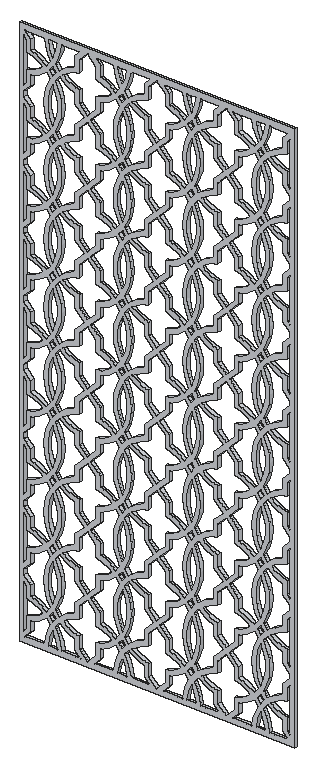
Revit family "J2 PET Felt Room Divider Arabic", category Specialty Equipment, Revit 2022
Family settings
  Round Connector Dimension = Use Diameter
  Part Type = Normal
  Work Plane-Based = No
  Always vertical = Yes
  Cut with Voids When Loaded = No
  Maintain Annotation Orientation = No
  Shared = No
  Room Calculation Point = No
Parameters
  URL = "https://www.j2systems.net/"
  Style Number = "RDARAB"  # constant formula
  Symbol Name = "RDARAB"  # constant formula
  Release Date = "2022"  # constant formula
  Product Line = "Room Divider"  # constant formula
  Model = "Arabic"  # constant formula
  Manufacturer = "J2 Systems"  # constant formula
  Keynote = ""
  Felt Color = none
  Default Elevation = 0' - 0"
Reference planes (in)
  plane 1 "Center (Front/Back)": y = 0
  plane 2: z = 0
  plane 3 "Center (Left/Right)": x = 0
Forms (in)
  Extrusion 1, solid, material <- "Felt Color"
    sketch origin (0, 0, 0) x (1, 0, 0) y (0, 0, 1)
      loop
        line (-23.5, 0) -> (23.5, 0) -> (23.5, 95) -> (-23.5, 95) -> (-23.5, 0)
      loop
        line (-22.61, 94.05) -> (-21.584, 93.02401) -> (-21.584, 91.33406)
        arc (-21.584, 91.33406) -> (-20.18881, 90.75482) -> (-18.93857, 89.9069) r 7.47519
        arc (-18.93857, 89.9069) -> (-18.57114, 90.30976) -> (-18.23742, 90.74097) r 6.75
        arc (-18.23742, 90.74097) -> (-18.9733, 92.33167) -> (-19.31857, 94.05) r 7.47519
        line (-19.31857, 94.05) -> (-22.61, 94.05)
      loop
        line (22.80238, 93.18075) -> (22.33569, 92.71406) -> (22.33569, 90.77811)
        arc (22.33569, 90.77811) -> (20.8289, 90.26563) -> (19.48398, 89.4146) r 6.75
        arc (19.48398, 89.4146) -> (20.82835, 88.56382) -> (22.3345, 88.05133) r 6.75
        line (22.3345, 88.05133) -> (22.3345, 86.11037) -> (22.80238, 85.6425) -> (22.80238, 93.18075)
      loop
        line (-14.02556, 91.33292) -> (-14.02556, 93.02638) -> (-13.00194, 94.05) -> (-16.2872, 94.05)
        arc (-16.2872, 94.05) -> (-16.63246, 92.33167) -> (-17.36835, 90.74097) r 7.47519
        arc (-17.36835, 90.74097) -> (-17.03463, 90.30976) -> (-16.6672, 89.9069) r 6.75
        arc (-16.6672, 89.9069) -> (-15.4187, 90.75388) -> (-14.02556, 91.33292) r 7.47519
      loop
        line (-14.02556, 85.80044) -> (-14.02556, 87.49627)
        arc (-14.02556, 87.49627) -> (-15.4187, 88.07531) -> (-16.6672, 88.92229) r 7.47519
        arc (-16.6672, 88.92229) -> (-17.03463, 88.51943) -> (-17.36835, 88.08822) r 6.75
        arc (-17.36835, 88.08822) -> (-16.26281, 84.17519) -> (-17.36913, 80.26237) r 7.47519
        arc (-17.36913, 80.26237) -> (-17.03507, 79.83059) -> (-16.6672, 79.42721) r 6.75
        arc (-16.6672, 79.42721) -> (-15.4187, 80.27419) -> (-14.02556, 80.85323) r 7.47519
        line (-14.02556, 80.85323) -> (-14.02556, 82.54906) -> (-12.39988, 84.17475) -> (-14.02556, 85.80044)
      loop
        line (-13.27387, 86.11037) -> (-11.86788, 84.70438) -> (-10.46187, 86.11038) -> (-10.46187, 88.05129)
        arc (-10.46187, 88.05129) -> (-8.9556, 88.56377) -> (-7.61112, 89.4146) r 6.75
        arc (-7.61112, 89.4146) -> (-8.95505, 90.26516) -> (-10.46069, 90.77765) r 6.75
        line (-10.46069, 90.77765) -> (-10.46069, 92.71406) -> (-11.86669, 94.12006) -> (-13.27269, 92.71406) -> (-13.27269, 90.77811)
        arc (-13.27269, 90.77811) -> (-14.77948, 90.26563) -> (-16.1244, 89.4146) r 6.75
        arc (-16.1244, 89.4146) -> (-14.78003, 88.56382) -> (-13.27387, 88.05133) r 6.75
        line (-13.27387, 88.05133) -> (-13.27387, 86.11037)
      loop
        line (-9.71375, 85.79806) -> (-11.33944, 84.17238) -> (-9.71375, 82.54669) -> (-9.71375, 80.85437)
        arc (-9.71375, 80.85437) -> (-8.31856, 80.27513) -> (-7.06832, 79.42721) r 7.47519
        arc (-7.06832, 79.42721) -> (-6.7008, 79.83017) -> (-6.36702, 80.26148) r 6.75
        arc (-6.36702, 80.26148) -> (-7.47389, 84.17519) -> (-6.3678, 88.08912) r 7.47519
        arc (-6.3678, 88.08912) -> (-6.70124, 88.51985) -> (-7.06832, 88.92229) r 6.75
        arc (-7.06832, 88.92229) -> (-8.31856, 88.07437) -> (-9.71375, 87.49513) r 7.47519
        line (-9.71375, 87.49513) -> (-9.71375, 85.79806)
      loop
        line (-11.86669, 83.64274) -> (-13.27269, 82.23675) -> (-13.27269, 80.29842)
        arc (-13.27269, 80.29842) -> (-14.77948, 79.78594) -> (-16.1244, 78.9349) r 6.75
        arc (-16.1244, 78.9349) -> (-14.78003, 78.08413) -> (-13.27387, 77.57164) r 6.75
        line (-13.27387, 77.57164) -> (-13.27387, 75.63068) -> (-11.86788, 74.22468) -> (-10.46187, 75.63068) -> (-10.46187, 77.57159)
        arc (-10.46187, 77.57159) -> (-8.9556, 78.08408) -> (-7.61112, 78.9349) r 6.75
        arc (-7.61112, 78.9349) -> (-8.95505, 79.78547) -> (-10.46069, 80.29796) r 6.75
        line (-10.46069, 80.29796) -> (-10.46069, 82.23675) -> (-11.86669, 83.64274)
      loop
        arc (-17.20021, 89.4146) -> (-17.51222, 89.75238) -> (-17.80288, 90.10872) r 7.47519
        arc (-17.80288, 90.10872) -> (-18.09354, 89.75238) -> (-18.40556, 89.4146) r 7.47519
        arc (-18.40556, 89.4146) -> (-18.09354, 89.07681) -> (-17.80288, 88.72047) r 7.47519
        arc (-17.80288, 88.72047) -> (-17.51222, 89.07681) -> (-17.20021, 89.4146) r 7.47519
      loop
        arc (-18.23742, 88.08822) -> (-18.57114, 88.51943) -> (-18.93857, 88.92229) r 6.75
        arc (-18.93857, 88.92229) -> (-20.18881, 88.07437) -> (-21.584, 87.49513) r 7.47519
        line (-21.584, 87.49513) -> (-21.584, 85.79806) -> (-22.8, 84.58206) -> (-22.8, 83.76269) -> (-21.584, 82.54669) -> (-21.584, 80.85437)
        arc (-21.584, 80.85437) -> (-20.18881, 80.27513) -> (-18.93857, 79.42721) r 7.47519
        arc (-18.93857, 79.42721) -> (-18.5707, 79.83059) -> (-18.23663, 80.26237) r 6.75
        arc (-18.23663, 80.26237) -> (-19.34295, 84.17519) -> (-18.23742, 88.08822) r 7.47519
      loop
        arc (-17.80288, 87.39103) -> (-18.61776, 84.17594) -> (-17.80288, 80.96085) r 6.75
        arc (-17.80288, 80.96085) -> (-16.98801, 84.17594) -> (-17.80288, 87.39103) r 6.75
      loop
        arc (-7.06832, 89.9069) -> (-6.70124, 90.30934) -> (-6.3678, 90.74007) r 6.75
        arc (-6.3678, 90.74007) -> (-7.10408, 92.33117) -> (-7.44951, 94.05) r 7.47519
        line (-7.44951, 94.05) -> (-10.73975, 94.05) -> (-9.71375, 93.02401) -> (-9.71375, 91.33406)
        arc (-9.71375, 91.33406) -> (-8.31856, 90.75482) -> (-7.06832, 89.9069) r 7.47519
      loop
        arc (-5.93323, 88.72125) -> (-5.64284, 89.07718) -> (-5.33114, 89.4146) r 7.47519
        arc (-5.33114, 89.4146) -> (-5.64284, 89.75201) -> (-5.93323, 90.10794) r 7.47519
        arc (-5.93323, 90.10794) -> (-6.22361, 89.75201) -> (-6.53531, 89.4146) r 7.47519
        arc (-6.53531, 89.4146) -> (-6.22361, 89.07718) -> (-5.93323, 88.72125) r 7.47519
      loop
        arc (-5.93323, 80.95975) -> (-5.11776, 84.17594) -> (-5.93323, 87.39212) r 6.75
        arc (-5.93323, 87.39212) -> (-6.7487, 84.17594) -> (-5.93323, 80.95975) r 6.75
      loop
        arc (-5.49943, 80.26148) -> (-5.16565, 79.83017) -> (-4.79813, 79.42721) r 6.75
        arc (-4.79813, 79.42721) -> (-3.54964, 80.27419) -> (-2.1565, 80.85323) r 7.47519
        line (-2.1565, 80.85323) -> (-2.1565, 82.54906) -> (-0.53081, 84.17475) -> (-2.1565, 85.80044) -> (-2.1565, 87.49627)
        arc (-2.1565, 87.49627) -> (-3.54964, 88.07531) -> (-4.79813, 88.92229) r 7.47519
        arc (-4.79813, 88.92229) -> (-5.16521, 88.51985) -> (-5.49865, 88.08912) r 6.75
        arc (-5.49865, 88.08912) -> (-4.39257, 84.17519) -> (-5.49943, 80.26148) r 7.47519
      loop
        line (-2.1565, 91.33292) -> (-2.1565, 93.02638) -> (-1.13288, 94.05) -> (-4.41695, 94.05)
        arc (-4.41695, 94.05) -> (-4.76238, 92.33117) -> (-5.49865, 90.74007) r 7.47519
        arc (-5.49865, 90.74007) -> (-5.16521, 90.30934) -> (-4.79813, 89.9069) r 6.75
        arc (-4.79813, 89.9069) -> (-3.54964, 90.75388) -> (-2.1565, 91.33292) r 7.47519
      loop
        line (-1.40481, 86.11037) -> (0.00119, 84.70438) -> (1.40719, 86.11038) -> (1.40719, 88.05129)
        arc (1.40719, 88.05129) -> (2.91347, 88.56377) -> (4.25794, 89.4146) r 6.75
        arc (4.25794, 89.4146) -> (2.91401, 90.26516) -> (1.40838, 90.77765) r 6.75
        line (1.40838, 90.77765) -> (1.40838, 92.71406) -> (0.00238, 94.12006) -> (-1.40362, 92.71406) -> (-1.40362, 90.77811)
        arc (-1.40362, 90.77811) -> (-2.91042, 90.26563) -> (-4.25533, 89.4146) r 6.75
        arc (-4.25533, 89.4146) -> (-2.91096, 88.56382) -> (-1.40481, 88.05133) r 6.75
        line (-1.40481, 88.05133) -> (-1.40481, 86.11037)
      loop
        line (2.15531, 85.79806) -> (0.52962, 84.17238) -> (2.15531, 82.54669) -> (2.15531, 80.85437)
        arc (2.15531, 80.85437) -> (3.5505, 80.27513) -> (4.80074, 79.42721) r 7.47519
        arc (4.80074, 79.42721) -> (5.16826, 79.83016) -> (5.50204, 80.26148) r 6.75
        arc (5.50204, 80.26148) -> (4.39517, 84.17519) -> (5.50126, 88.08912) r 7.47519
        arc (5.50126, 88.08912) -> (5.16782, 88.51985) -> (4.80074, 88.92229) r 6.75
        arc (4.80074, 88.92229) -> (3.5505, 88.07437) -> (2.15531, 87.49513) r 7.47519
        line (2.15531, 87.49513) -> (2.15531, 85.79806)
      loop
        line (0.00238, 83.64274) -> (-1.40362, 82.23675) -> (-1.40362, 80.29842)
        arc (-1.40362, 80.29842) -> (-2.91042, 79.78594) -> (-4.25533, 78.9349) r 6.75
        arc (-4.25533, 78.9349) -> (-2.91096, 78.08413) -> (-1.40481, 77.57164) r 6.75
        line (-1.40481, 77.57164) -> (-1.40481, 75.63068) -> (0.00119, 74.22468) -> (1.40719, 75.63068) -> (1.40719, 77.57159)
        arc (1.40719, 77.57159) -> (2.91347, 78.08408) -> (4.25794, 78.9349) r 6.75
        arc (4.25794, 78.9349) -> (2.91401, 79.78547) -> (1.40838, 80.29796) r 6.75
        line (1.40838, 80.29796) -> (1.40838, 82.23675) -> (0.00238, 83.64274)
      loop
        arc (4.80074, 89.9069) -> (5.16782, 90.30934) -> (5.50126, 90.74007) r 6.75
        arc (5.50126, 90.74007) -> (4.76498, 92.33117) -> (4.41955, 94.05) r 7.47519
        line (4.41955, 94.05) -> (1.12932, 94.05) -> (2.15531, 93.02401) -> (2.15531, 91.33406)
        arc (2.15531, 91.33406) -> (3.5505, 90.75482) -> (4.80074, 89.9069) r 7.47519
      loop
        arc (5.93583, 88.72125) -> (6.22622, 89.07718) -> (6.53792, 89.4146) r 7.47519
        arc (6.53792, 89.4146) -> (6.22622, 89.75201) -> (5.93583, 90.10794) r 7.47519
        arc (5.93583, 90.10794) -> (5.64545, 89.75201) -> (5.33375, 89.4146) r 7.47519
        arc (5.33375, 89.4146) -> (5.64545, 89.07718) -> (5.93583, 88.72125) r 7.47519
      loop
        arc (5.93583, 80.95975) -> (6.7513, 84.17594) -> (5.93583, 87.39212) r 6.75
        arc (5.93583, 87.39212) -> (5.12037, 84.17594) -> (5.93583, 80.95975) r 6.75
      loop
        arc (6.36963, 80.26148) -> (6.70341, 79.83016) -> (7.07093, 79.42721) r 6.75
        arc (7.07093, 79.42721) -> (8.31942, 80.27419) -> (9.71256, 80.85323) r 7.47519
        line (9.71256, 80.85323) -> (9.71256, 82.54906) -> (11.33825, 84.17475) -> (9.71256, 85.80044) -> (9.71256, 87.49627)
        arc (9.71256, 87.49627) -> (8.31942, 88.07531) -> (7.07093, 88.92229) r 7.47519
        arc (7.07093, 88.92229) -> (6.70385, 88.51985) -> (6.37041, 88.08912) r 6.75
        arc (6.37041, 88.08912) -> (7.4765, 84.17519) -> (6.36963, 80.26148) r 7.47519
      loop
        line (9.71256, 91.33292) -> (9.71256, 93.02638) -> (10.73618, 94.05) -> (7.45212, 94.05)
        arc (7.45212, 94.05) -> (7.10669, 92.33117) -> (6.37041, 90.74007) r 7.47519
        arc (6.37041, 90.74007) -> (6.70385, 90.30934) -> (7.07093, 89.9069) r 6.75
        arc (7.07093, 89.9069) -> (8.31942, 90.75388) -> (9.71256, 91.33292) r 7.47519
      loop
        line (10.46425, 86.11037) -> (11.87025, 84.70438) -> (13.27625, 86.11038) -> (13.27625, 88.05129)
        arc (13.27625, 88.05129) -> (14.78253, 88.56377) -> (16.127, 89.4146) r 6.75
        arc (16.127, 89.4146) -> (14.78308, 90.26516) -> (13.27744, 90.77765) r 6.75
        line (13.27744, 90.77765) -> (13.27744, 92.71406) -> (11.87144, 94.12006) -> (10.46544, 92.71406) -> (10.46544, 90.77811)
        arc (10.46544, 90.77811) -> (8.95864, 90.26563) -> (7.61373, 89.4146) r 6.75
        arc (7.61373, 89.4146) -> (8.9581, 88.56382) -> (10.46425, 88.05133) r 6.75
        line (10.46425, 88.05133) -> (10.46425, 86.11037)
      loop
        line (14.02437, 85.79806) -> (12.39868, 84.17238) -> (14.02437, 82.54669) -> (14.02437, 80.85437)
        arc (14.02437, 80.85437) -> (15.41956, 80.27513) -> (16.6698, 79.42721) r 7.47519
        arc (16.6698, 79.42721) -> (17.03767, 79.83059) -> (17.37174, 80.26238) r 6.75
        arc (17.37174, 80.26238) -> (16.26543, 84.17519) -> (17.37096, 88.08822) r 7.47519
        arc (17.37096, 88.08822) -> (17.03724, 88.51943) -> (16.6698, 88.92229) r 6.75
        arc (16.6698, 88.92229) -> (15.41956, 88.07437) -> (14.02437, 87.49513) r 7.47519
        line (14.02437, 87.49513) -> (14.02437, 85.79806)
      loop
        line (11.87144, 83.64274) -> (10.46544, 82.23675) -> (10.46544, 80.29842)
        arc (10.46544, 80.29842) -> (8.95864, 79.78594) -> (7.61373, 78.9349) r 6.75
        arc (7.61373, 78.9349) -> (8.9581, 78.08413) -> (10.46425, 77.57164) r 6.75
        line (10.46425, 77.57164) -> (10.46425, 75.63068) -> (11.87025, 74.22468) -> (13.27625, 75.63068) -> (13.27625, 77.57159)
        arc (13.27625, 77.57159) -> (14.78253, 78.08408) -> (16.127, 78.9349) r 6.75
        arc (16.127, 78.9349) -> (14.78308, 79.78547) -> (13.27744, 80.29796) r 6.75
        line (13.27744, 80.29796) -> (13.27744, 82.23675) -> (11.87144, 83.64274)
      loop
        arc (16.6698, 89.9069) -> (17.03724, 90.30976) -> (17.37096, 90.74097) r 6.75
        arc (17.37096, 90.74097) -> (16.63507, 92.33167) -> (16.28981, 94.05) r 7.47519
        line (16.28981, 94.05) -> (12.99838, 94.05) -> (14.02437, 93.02401) -> (14.02437, 91.33406)
        arc (14.02437, 91.33406) -> (15.41956, 90.75482) -> (16.6698, 89.9069) r 7.47519
      loop
        arc (17.80549, 88.72047) -> (18.09615, 89.07681) -> (18.40817, 89.4146) r 7.47519
        arc (18.40817, 89.4146) -> (18.09615, 89.75238) -> (17.80549, 90.10872) r 7.47519
        arc (17.80549, 90.10872) -> (17.51483, 89.75238) -> (17.20281, 89.4146) r 7.47519
        arc (17.20281, 89.4146) -> (17.51483, 89.07681) -> (17.80549, 88.72047) r 7.47519
      loop
        arc (17.80549, 80.96085) -> (18.62037, 84.17594) -> (17.80549, 87.39102) r 6.75
        arc (17.80549, 87.39102) -> (16.99062, 84.17594) -> (17.80549, 80.96085) r 6.75
      loop
        arc (18.23924, 80.26238) -> (18.57331, 79.83059) -> (18.94118, 79.42721) r 6.75
        arc (18.94118, 79.42721) -> (20.18968, 80.27419) -> (21.58281, 80.85323) r 7.47519
        line (21.58281, 80.85323) -> (21.58281, 82.54906) -> (22.80238, 83.76862) -> (22.80238, 84.58087) -> (21.58281, 85.80044) -> (21.58281, 87.49627)
        arc (21.58281, 87.49627) -> (20.18968, 88.07531) -> (18.94118, 88.92229) r 7.47519
        arc (18.94118, 88.92229) -> (18.57375, 88.51943) -> (18.24003, 88.08822) r 6.75
        arc (18.24003, 88.08822) -> (19.34556, 84.17519) -> (18.23924, 80.26238) r 7.47519
      loop
        line (-22.8, 85.6425) -> (-22.33212, 86.11038) -> (-22.33212, 88.05129)
        arc (-22.33212, 88.05129) -> (-20.82585, 88.56377) -> (-19.48137, 89.4146) r 6.75
        arc (-19.48137, 89.4146) -> (-20.8253, 90.26516) -> (-22.33094, 90.77765) r 6.75
        line (-22.33094, 90.77765) -> (-22.33094, 92.71406) -> (-22.8, 93.18313) -> (-22.8, 85.6425)
      loop
        line (-22.8, 82.70581) -> (-22.8, 75.16281) -> (-22.33212, 75.63068) -> (-22.33212, 77.57159)
        arc (-22.33212, 77.57159) -> (-20.82585, 78.08408) -> (-19.48137, 78.9349) r 6.75
        arc (-19.48137, 78.9349) -> (-20.8253, 79.78547) -> (-22.33094, 80.29796) r 6.75
        line (-22.33094, 80.29796) -> (-22.33094, 82.23675) -> (-22.8, 82.70581)
      loop
        line (21.58281, 91.33292) -> (21.58281, 93.02638) -> (22.60644, 94.05) -> (19.32118, 94.05)
        arc (19.32118, 94.05) -> (18.97591, 92.33167) -> (18.24003, 90.74097) r 7.47519
        arc (18.24003, 90.74097) -> (18.57375, 90.30976) -> (18.94118, 89.9069) r 6.75
        arc (18.94118, 89.9069) -> (20.18968, 90.75388) -> (21.58281, 91.33292) r 7.47519
      loop
        arc (22.33569, 80.29842) -> (20.8289, 79.78594) -> (19.48398, 78.9349) r 6.75
        arc (19.48398, 78.9349) -> (20.82835, 78.08413) -> (22.3345, 77.57164) r 6.75
        line (22.3345, 77.57164) -> (22.3345, 75.63068) -> (22.80238, 75.16281) -> (22.80238, 82.70343) -> (22.33569, 82.23675) -> (22.33569, 80.29842)
      loop
        arc (-18.59075, 94.05) -> (-18.33014, 92.70386) -> (-17.80288, 91.43816) r 6.75
        arc (-17.80288, 91.43816) -> (-17.27563, 92.70386) -> (-17.01502, 94.05) r 6.75
        line (-17.01502, 94.05) -> (-18.59075, 94.05)
      loop
        arc (-5.93323, 91.43707) -> (-5.40556, 92.70327) -> (-5.14477, 94.05) r 6.75
        line (-5.14477, 94.05) -> (-6.72168, 94.05)
        arc (-6.72168, 94.05) -> (-6.4609, 92.70327) -> (-5.93323, 91.43707) r 6.75
      loop
        arc (5.93583, 91.43707) -> (6.46351, 92.70327) -> (6.72429, 94.05) r 6.75
        line (6.72429, 94.05) -> (5.14738, 94.05)
        arc (5.14738, 94.05) -> (5.40816, 92.70327) -> (5.93583, 91.43707) r 6.75
      loop
        arc (17.80549, 91.43817) -> (18.33275, 92.70387) -> (18.59335, 94.05) r 6.75
        line (18.59335, 94.05) -> (17.01763, 94.05)
        arc (17.01763, 94.05) -> (17.27824, 92.70387) -> (17.80549, 91.43817) r 6.75
      loop
        line (-14.02556, 75.32074) -> (-14.02556, 77.01658)
        arc (-14.02556, 77.01658) -> (-15.4187, 77.59562) -> (-16.6672, 78.4426) r 7.47519
        arc (-16.6672, 78.4426) -> (-17.03463, 78.03974) -> (-17.36835, 77.60853) r 6.75
        arc (-17.36835, 77.60853) -> (-16.26281, 73.69587) -> (-17.36874, 69.78332) r 7.47519
        arc (-17.36874, 69.78332) -> (-17.03485, 69.35182) -> (-16.6672, 68.9487) r 6.75
        arc (-16.6672, 68.9487) -> (-15.4187, 69.79569) -> (-14.02556, 70.37473) r 7.47519
        line (-14.02556, 70.37473) -> (-14.02556, 72.06937) -> (-12.39988, 73.69506) -> (-14.02556, 75.32074)
      loop
        line (-9.71375, 75.31837) -> (-11.33944, 73.69268) -> (-9.71375, 72.067) -> (-9.71375, 70.37587)
        arc (-9.71375, 70.37587) -> (-8.31856, 69.79663) -> (-7.06832, 68.9487) r 7.47519
        arc (-7.06832, 68.9487) -> (-6.70102, 69.35141) -> (-6.36741, 69.78243) r 6.75
        arc (-6.36741, 69.78243) -> (-7.47389, 73.69587) -> (-6.3678, 77.60942) r 7.47519
        arc (-6.3678, 77.60942) -> (-6.70124, 78.04016) -> (-7.06832, 78.4426) r 6.75
        arc (-7.06832, 78.4426) -> (-8.31856, 77.59468) -> (-9.71375, 77.01543) r 7.47519
        line (-9.71375, 77.01543) -> (-9.71375, 75.31837)
      loop
        line (-11.86669, 73.16305) -> (-13.27269, 71.75705) -> (-13.27269, 69.81992)
        arc (-13.27269, 69.81992) -> (-14.77948, 69.30744) -> (-16.1244, 68.4564) r 6.75
        arc (-16.1244, 68.4564) -> (-14.78003, 67.60563) -> (-13.27387, 67.09314) r 6.75
        line (-13.27387, 67.09314) -> (-13.27387, 65.15218) -> (-11.86788, 63.74618) -> (-10.46187, 65.15218) -> (-10.46187, 67.09309)
        arc (-10.46187, 67.09309) -> (-8.9556, 67.60558) -> (-7.61112, 68.4564) r 6.75
        arc (-7.61112, 68.4564) -> (-8.95505, 69.30696) -> (-10.46069, 69.81946) r 6.75
        line (-10.46069, 69.81946) -> (-10.46069, 71.75705) -> (-11.86669, 73.16305)
      loop
        arc (-17.20021, 78.9349) -> (-17.51222, 79.27269) -> (-17.80288, 79.62902) r 7.47519
        arc (-17.80288, 79.62902) -> (-18.09354, 79.27269) -> (-18.40556, 78.9349) r 7.47519
        arc (-18.40556, 78.9349) -> (-18.09354, 78.59711) -> (-17.80288, 78.24078) r 7.47519
        arc (-17.80288, 78.24078) -> (-17.51222, 78.59711) -> (-17.20021, 78.9349) r 7.47519
      loop
        arc (-18.23742, 77.60853) -> (-18.57114, 78.03974) -> (-18.93857, 78.4426) r 6.75
        arc (-18.93857, 78.4426) -> (-20.18881, 77.59468) -> (-21.584, 77.01543) r 7.47519
        line (-21.584, 77.01543) -> (-21.584, 75.31837) -> (-22.8, 74.10237) -> (-22.8, 73.28299) -> (-21.584, 72.067) -> (-21.584, 70.37587)
        arc (-21.584, 70.37587) -> (-20.18881, 69.79663) -> (-18.93857, 68.9487) r 7.47519
        arc (-18.93857, 68.9487) -> (-18.57092, 69.35182) -> (-18.23703, 69.78332) r 6.75
        arc (-18.23703, 69.78332) -> (-19.34295, 73.69587) -> (-18.23742, 77.60853) r 7.47519
      loop
        arc (-17.80288, 76.91133) -> (-18.61776, 73.69624) -> (-17.80288, 70.48115) r 6.75
        arc (-17.80288, 70.48115) -> (-16.98801, 73.69624) -> (-17.80288, 76.91133) r 6.75
      loop
        arc (-5.93323, 78.24156) -> (-5.64284, 78.59748) -> (-5.33114, 78.9349) r 7.47519
        arc (-5.33114, 78.9349) -> (-5.64284, 79.27232) -> (-5.93323, 79.62825) r 7.47519
        arc (-5.93323, 79.62825) -> (-6.22361, 79.27232) -> (-6.53531, 78.9349) r 7.47519
        arc (-6.53531, 78.9349) -> (-6.22361, 78.59748) -> (-5.93323, 78.24156) r 7.47519
      loop
        arc (-5.93323, 70.48006) -> (-5.11776, 73.69624) -> (-5.93323, 76.91243) r 6.75
        arc (-5.93323, 76.91243) -> (-6.7487, 73.69624) -> (-5.93323, 70.48006) r 6.75
      loop
        arc (-5.49904, 69.78243) -> (-5.16543, 69.35141) -> (-4.79813, 68.9487) r 6.75
        arc (-4.79813, 68.9487) -> (-3.54964, 69.79569) -> (-2.1565, 70.37473) r 7.47519
        line (-2.1565, 70.37473) -> (-2.1565, 72.06937) -> (-0.53081, 73.69506) -> (-2.1565, 75.32074) -> (-2.1565, 77.01658)
        arc (-2.1565, 77.01658) -> (-3.54964, 77.59562) -> (-4.79813, 78.4426) r 7.47519
        arc (-4.79813, 78.4426) -> (-5.16521, 78.04016) -> (-5.49865, 77.60942) r 6.75
        arc (-5.49865, 77.60942) -> (-4.39256, 73.69587) -> (-5.49904, 69.78243) r 7.47519
      loop
        line (2.15531, 75.31837) -> (0.52962, 73.69268) -> (2.15531, 72.067) -> (2.15531, 70.37587)
        arc (2.15531, 70.37587) -> (3.5505, 69.79663) -> (4.80074, 68.9487) r 7.47519
        arc (4.80074, 68.9487) -> (5.16804, 69.3514) -> (5.50165, 69.78242) r 6.75
        arc (5.50165, 69.78242) -> (4.39517, 73.69587) -> (5.50126, 77.60943) r 7.47519
        arc (5.50126, 77.60943) -> (5.16782, 78.04016) -> (4.80074, 78.4426) r 6.75
        arc (4.80074, 78.4426) -> (3.5505, 77.59468) -> (2.15531, 77.01543) r 7.47519
        line (2.15531, 77.01543) -> (2.15531, 75.31837)
      loop
        line (0.00238, 73.16305) -> (-1.40362, 71.75705) -> (-1.40362, 69.81992)
        arc (-1.40362, 69.81992) -> (-2.91042, 69.30744) -> (-4.25533, 68.4564) r 6.75
        arc (-4.25533, 68.4564) -> (-2.91096, 67.60563) -> (-1.40481, 67.09314) r 6.75
        line (-1.40481, 67.09314) -> (-1.40481, 65.15218) -> (0.00119, 63.74618) -> (1.40719, 65.15218) -> (1.40719, 67.09309)
        arc (1.40719, 67.09309) -> (2.91347, 67.60558) -> (4.25794, 68.4564) r 6.75
        arc (4.25794, 68.4564) -> (2.91401, 69.30696) -> (1.40838, 69.81946) r 6.75
        line (1.40838, 69.81946) -> (1.40838, 71.75705) -> (0.00238, 73.16305)
      loop
        arc (5.93583, 78.24156) -> (6.22622, 78.59748) -> (6.53792, 78.9349) r 7.47519
        arc (6.53792, 78.9349) -> (6.22622, 79.27232) -> (5.93583, 79.62825) r 7.47519
        arc (5.93583, 79.62825) -> (5.64545, 79.27232) -> (5.33375, 78.9349) r 7.47519
        arc (5.33375, 78.9349) -> (5.64545, 78.59748) -> (5.93583, 78.24156) r 7.47519
      loop
        arc (5.93583, 70.48006) -> (6.7513, 73.69624) -> (5.93583, 76.91243) r 6.75
        arc (5.93583, 76.91243) -> (5.12037, 73.69624) -> (5.93583, 70.48006) r 6.75
      loop
        arc (6.37002, 69.78242) -> (6.70363, 69.3514) -> (7.07093, 68.9487) r 6.75
        arc (7.07093, 68.9487) -> (8.31942, 69.79569) -> (9.71256, 70.37473) r 7.47519
        line (9.71256, 70.37473) -> (9.71256, 72.06937) -> (11.33825, 73.69506) -> (9.71256, 75.32074) -> (9.71256, 77.01658)
        arc (9.71256, 77.01658) -> (8.31942, 77.59562) -> (7.07093, 78.4426) r 7.47519
        arc (7.07093, 78.4426) -> (6.70385, 78.04016) -> (6.37041, 77.60943) r 6.75
        arc (6.37041, 77.60943) -> (7.4765, 73.69587) -> (6.37002, 69.78242) r 7.47519
      loop
        line (14.02437, 75.31837) -> (12.39868, 73.69268) -> (14.02437, 72.067) -> (14.02437, 70.37587)
        arc (14.02437, 70.37587) -> (15.41956, 69.79663) -> (16.6698, 68.9487) r 7.47519
        arc (16.6698, 68.9487) -> (17.03746, 69.35183) -> (17.37135, 69.78333) r 6.75
        arc (17.37135, 69.78333) -> (16.26543, 73.69587) -> (17.37096, 77.60853) r 7.47519
        arc (17.37096, 77.60853) -> (17.03724, 78.03973) -> (16.6698, 78.4426) r 6.75
        arc (16.6698, 78.4426) -> (15.41956, 77.59468) -> (14.02437, 77.01543) r 7.47519
        line (14.02437, 77.01543) -> (14.02437, 75.31837)
      loop
        line (11.87144, 73.16305) -> (10.46544, 71.75705) -> (10.46544, 69.81992)
        arc (10.46544, 69.81992) -> (8.95864, 69.30744) -> (7.61373, 68.4564) r 6.75
        arc (7.61373, 68.4564) -> (8.9581, 67.60563) -> (10.46425, 67.09314) r 6.75
        line (10.46425, 67.09314) -> (10.46425, 65.15218) -> (11.87025, 63.74618) -> (13.27625, 65.15218) -> (13.27625, 67.09309)
        arc (13.27625, 67.09309) -> (14.78253, 67.60558) -> (16.127, 68.4564) r 6.75
        arc (16.127, 68.4564) -> (14.78308, 69.30696) -> (13.27744, 69.81946) r 6.75
        line (13.27744, 69.81946) -> (13.27744, 71.75705) -> (11.87144, 73.16305)
      loop
        arc (17.80549, 78.24078) -> (18.09615, 78.59711) -> (18.40817, 78.9349) r 7.47519
        arc (18.40817, 78.9349) -> (18.09615, 79.27269) -> (17.80549, 79.62903) r 7.47519
        arc (17.80549, 79.62903) -> (17.51483, 79.27269) -> (17.20281, 78.9349) r 7.47519
        arc (17.20281, 78.9349) -> (17.51483, 78.59711) -> (17.80549, 78.24078) r 7.47519
      loop
        arc (17.80549, 70.48116) -> (18.62037, 73.69624) -> (17.80549, 76.91133) r 6.75
        arc (17.80549, 76.91133) -> (16.99062, 73.69624) -> (17.80549, 70.48116) r 6.75
      loop
        arc (18.23964, 69.78333) -> (18.57353, 69.35183) -> (18.94118, 68.9487) r 6.75
        arc (18.94118, 68.9487) -> (20.18968, 69.79569) -> (21.58281, 70.37473) r 7.47519
        line (21.58281, 70.37473) -> (21.58281, 72.06937) -> (22.80238, 73.28893) -> (22.80238, 74.10118) -> (21.58281, 75.32074) -> (21.58281, 77.01658)
        arc (21.58281, 77.01658) -> (20.18968, 77.59562) -> (18.94118, 78.4426) r 7.47519
        arc (18.94118, 78.4426) -> (18.57375, 78.03973) -> (18.24003, 77.60853) r 6.75
        arc (18.24003, 77.60853) -> (19.34556, 73.69587) -> (18.23964, 69.78333) r 7.47519
      loop
        line (-22.8, 72.22612) -> (-22.8, 64.68431) -> (-22.33212, 65.15218) -> (-22.33212, 67.09309)
        arc (-22.33212, 67.09309) -> (-20.82585, 67.60558) -> (-19.48137, 68.4564) r 6.75
        arc (-19.48137, 68.4564) -> (-20.8253, 69.30696) -> (-22.33094, 69.81946) r 6.75
        line (-22.33094, 69.81946) -> (-22.33094, 71.75705) -> (-22.8, 72.22612)
      loop
        arc (22.33569, 69.81992) -> (20.8289, 69.30744) -> (19.48398, 68.4564) r 6.75
        arc (19.48398, 68.4564) -> (20.82835, 67.60563) -> (22.3345, 67.09314) r 6.75
        line (22.3345, 67.09314) -> (22.3345, 65.15218) -> (22.80238, 64.68431) -> (22.80238, 72.22374) -> (22.33569, 71.75705) -> (22.33569, 69.81992)
      loop
        line (-14.02556, 64.84224) -> (-14.02556, 66.53808)
        arc (-14.02556, 66.53808) -> (-15.4187, 67.11712) -> (-16.6672, 67.9641) r 7.47519
        arc (-16.6672, 67.9641) -> (-17.03463, 67.56124) -> (-17.36835, 67.13003) r 6.75
        arc (-17.36835, 67.13003) -> (-16.26281, 63.21737) -> (-17.36874, 59.30483) r 7.47519
        arc (-17.36874, 59.30483) -> (-17.03485, 58.87333) -> (-16.6672, 58.47021) r 6.75
        arc (-16.6672, 58.47021) -> (-15.4187, 59.3172) -> (-14.02556, 59.89624) r 7.47519
        line (-14.02556, 59.89624) -> (-14.02556, 61.59087) -> (-12.39988, 63.21656) -> (-14.02556, 64.84224)
      loop
        line (-9.71375, 64.83987) -> (-11.33944, 63.21418) -> (-9.71375, 61.58849) -> (-9.71375, 59.89738)
        arc (-9.71375, 59.89738) -> (-8.31856, 59.31814) -> (-7.06832, 58.47021) r 7.47519
        arc (-7.06832, 58.47021) -> (-6.70103, 58.87291) -> (-6.36742, 59.30393) r 6.75
        arc (-6.36742, 59.30393) -> (-7.47389, 63.21737) -> (-6.3678, 67.13092) r 7.47519
        arc (-6.3678, 67.13092) -> (-6.70124, 67.56166) -> (-7.06832, 67.9641) r 6.75
        arc (-7.06832, 67.9641) -> (-8.31856, 67.11618) -> (-9.71375, 66.53693) r 7.47519
        line (-9.71375, 66.53693) -> (-9.71375, 64.83987)
      loop
        line (-11.86669, 62.68455) -> (-13.27269, 61.27855) -> (-13.27269, 59.34143)
        arc (-13.27269, 59.34143) -> (-14.77948, 58.82895) -> (-16.1244, 57.97791) r 6.75
        arc (-16.1244, 57.97791) -> (-14.78003, 57.12714) -> (-13.27387, 56.61465) r 6.75
        line (-13.27387, 56.61465) -> (-13.27387, 54.67369) -> (-11.86788, 53.26769) -> (-10.46187, 54.67369) -> (-10.46187, 56.6146)
        arc (-10.46187, 56.6146) -> (-8.9556, 57.12709) -> (-7.61112, 57.97791) r 6.75
        arc (-7.61112, 57.97791) -> (-8.95505, 58.82847) -> (-10.46069, 59.34097) r 6.75
        line (-10.46069, 59.34097) -> (-10.46069, 61.27855) -> (-11.86669, 62.68455)
      loop
        arc (-17.20021, 68.4564) -> (-17.51222, 68.79419) -> (-17.80288, 69.15052) r 7.47519
        arc (-17.80288, 69.15052) -> (-18.09354, 68.79419) -> (-18.40556, 68.4564) r 7.47519
        arc (-18.40556, 68.4564) -> (-18.09354, 68.11861) -> (-17.80288, 67.76228) r 7.47519
        arc (-17.80288, 67.76228) -> (-17.51222, 68.11861) -> (-17.20021, 68.4564) r 7.47519
      loop
        arc (-18.23742, 67.13003) -> (-18.57114, 67.56124) -> (-18.93857, 67.9641) r 6.75
        arc (-18.93857, 67.9641) -> (-20.18881, 67.11618) -> (-21.584, 66.53693) r 7.47519
        line (-21.584, 66.53693) -> (-21.584, 64.83987) -> (-22.8, 63.62387) -> (-22.8, 62.80449) -> (-21.584, 61.58849) -> (-21.584, 59.89738)
        arc (-21.584, 59.89738) -> (-20.18881, 59.31814) -> (-18.93857, 58.47021) r 7.47519
        arc (-18.93857, 58.47021) -> (-18.57092, 58.87333) -> (-18.23703, 59.30483) r 6.75
        arc (-18.23703, 59.30483) -> (-19.34295, 63.21737) -> (-18.23742, 67.13003) r 7.47519
      loop
        arc (-17.80288, 66.43283) -> (-18.61776, 63.21774) -> (-17.80288, 60.00265) r 6.75
        arc (-17.80288, 60.00265) -> (-16.98801, 63.21774) -> (-17.80288, 66.43283) r 6.75
      loop
        arc (-5.93323, 67.76305) -> (-5.64284, 68.11898) -> (-5.33114, 68.4564) r 7.47519
        arc (-5.33114, 68.4564) -> (-5.64284, 68.79382) -> (-5.93323, 69.14975) r 7.47519
        arc (-5.93323, 69.14975) -> (-6.22361, 68.79382) -> (-6.53531, 68.4564) r 7.47519
        arc (-6.53531, 68.4564) -> (-6.22361, 68.11898) -> (-5.93323, 67.76305) r 7.47519
      loop
        arc (-5.93323, 60.00156) -> (-5.11776, 63.21774) -> (-5.93323, 66.43393) r 6.75
        arc (-5.93323, 66.43393) -> (-6.7487, 63.21774) -> (-5.93323, 60.00156) r 6.75
      loop
        arc (-5.49904, 59.30393) -> (-5.16543, 58.87291) -> (-4.79813, 58.47021) r 6.75
        arc (-4.79813, 58.47021) -> (-3.54964, 59.3172) -> (-2.1565, 59.89624) r 7.47519
        line (-2.1565, 59.89624) -> (-2.1565, 61.59087) -> (-0.53081, 63.21656) -> (-2.1565, 64.84224) -> (-2.1565, 66.53808)
        arc (-2.1565, 66.53808) -> (-3.54964, 67.11712) -> (-4.79813, 67.9641) r 7.47519
        arc (-4.79813, 67.9641) -> (-5.16521, 67.56166) -> (-5.49865, 67.13092) r 6.75
        arc (-5.49865, 67.13092) -> (-4.39256, 63.21737) -> (-5.49904, 59.30393) r 7.47519
      loop
        line (2.15531, 64.83987) -> (0.52962, 63.21418) -> (2.15531, 61.58849) -> (2.15531, 59.89738)
        arc (2.15531, 59.89738) -> (3.5505, 59.31814) -> (4.80074, 58.47021) r 7.47519
        arc (4.80074, 58.47021) -> (5.16804, 58.87291) -> (5.50165, 59.30393) r 6.75
        arc (5.50165, 59.30393) -> (4.39517, 63.21737) -> (5.50126, 67.13093) r 7.47519
        arc (5.50126, 67.13093) -> (5.16782, 67.56166) -> (4.80074, 67.9641) r 6.75
        arc (4.80074, 67.9641) -> (3.5505, 67.11618) -> (2.15531, 66.53693) r 7.47519
        line (2.15531, 66.53693) -> (2.15531, 64.83987)
      loop
        line (0.00238, 62.68455) -> (-1.40362, 61.27855) -> (-1.40362, 59.34143)
        arc (-1.40362, 59.34143) -> (-2.91042, 58.82895) -> (-4.25533, 57.97791) r 6.75
        arc (-4.25533, 57.97791) -> (-2.91096, 57.12714) -> (-1.40481, 56.61465) r 6.75
        line (-1.40481, 56.61465) -> (-1.40481, 54.67369) -> (0.00119, 53.26769) -> (1.40719, 54.67369) -> (1.40719, 56.6146)
        arc (1.40719, 56.6146) -> (2.91347, 57.12709) -> (4.25794, 57.97791) r 6.75
        arc (4.25794, 57.97791) -> (2.91401, 58.82847) -> (1.40838, 59.34097) r 6.75
        line (1.40838, 59.34097) -> (1.40838, 61.27855) -> (0.00238, 62.68455)
      loop
        arc (5.93583, 67.76306) -> (6.22622, 68.11898) -> (6.53792, 68.4564) r 7.47519
        arc (6.53792, 68.4564) -> (6.22622, 68.79382) -> (5.93583, 69.14975) r 7.47519
        arc (5.93583, 69.14975) -> (5.64545, 68.79382) -> (5.33375, 68.4564) r 7.47519
        arc (5.33375, 68.4564) -> (5.64545, 68.11898) -> (5.93583, 67.76306) r 7.47519
      loop
        arc (5.93583, 60.00156) -> (6.7513, 63.21774) -> (5.93583, 66.43393) r 6.75
        arc (5.93583, 66.43393) -> (5.12037, 63.21774) -> (5.93583, 60.00156) r 6.75
      loop
        arc (6.37002, 59.30393) -> (6.70363, 58.87291) -> (7.07093, 58.47021) r 6.75
        arc (7.07093, 58.47021) -> (8.31942, 59.3172) -> (9.71256, 59.89624) r 7.47519
        line (9.71256, 59.89624) -> (9.71256, 61.59087) -> (11.33825, 63.21656) -> (9.71256, 64.84224) -> (9.71256, 66.53808)
        arc (9.71256, 66.53808) -> (8.31942, 67.11712) -> (7.07093, 67.9641) r 7.47519
        arc (7.07093, 67.9641) -> (6.70385, 67.56166) -> (6.37041, 67.13093) r 6.75
        arc (6.37041, 67.13093) -> (7.4765, 63.21737) -> (6.37002, 59.30393) r 7.47519
      loop
        line (14.02437, 64.83987) -> (12.39868, 63.21418) -> (14.02437, 61.58849) -> (14.02437, 59.89738)
        arc (14.02437, 59.89738) -> (15.41956, 59.31814) -> (16.6698, 58.47021) r 7.47519
        arc (16.6698, 58.47021) -> (17.03745, 58.87333) -> (17.37135, 59.30483) r 6.75
        arc (17.37135, 59.30483) -> (16.26543, 63.21737) -> (17.37096, 67.13003) r 7.47519
        arc (17.37096, 67.13003) -> (17.03724, 67.56123) -> (16.6698, 67.9641) r 6.75
        arc (16.6698, 67.9641) -> (15.41956, 67.11618) -> (14.02437, 66.53693) r 7.47519
        line (14.02437, 66.53693) -> (14.02437, 64.83987)
      loop
        line (11.87144, 62.68455) -> (10.46544, 61.27855) -> (10.46544, 59.34143)
        arc (10.46544, 59.34143) -> (8.95864, 58.82895) -> (7.61373, 57.97791) r 6.75
        arc (7.61373, 57.97791) -> (8.9581, 57.12714) -> (10.46425, 56.61465) r 6.75
        line (10.46425, 56.61465) -> (10.46425, 54.67369) -> (11.87025, 53.26769) -> (13.27625, 54.67369) -> (13.27625, 56.6146)
        arc (13.27625, 56.6146) -> (14.78253, 57.12709) -> (16.127, 57.97791) r 6.75
        arc (16.127, 57.97791) -> (14.78308, 58.82847) -> (13.27744, 59.34097) r 6.75
        line (13.27744, 59.34097) -> (13.27744, 61.27855) -> (11.87144, 62.68455)
      loop
        arc (17.80549, 67.76228) -> (18.09615, 68.11861) -> (18.40817, 68.4564) r 7.47519
        arc (18.40817, 68.4564) -> (18.09615, 68.79419) -> (17.80549, 69.15053) r 7.47519
        arc (17.80549, 69.15053) -> (17.51483, 68.79419) -> (17.20281, 68.4564) r 7.47519
        arc (17.20281, 68.4564) -> (17.51483, 68.11861) -> (17.80549, 67.76228) r 7.47519
      loop
        arc (17.80549, 60.00266) -> (18.62037, 63.21774) -> (17.80549, 66.43283) r 6.75
        arc (17.80549, 66.43283) -> (16.99062, 63.21774) -> (17.80549, 60.00266) r 6.75
      loop
        arc (18.23964, 59.30483) -> (18.57353, 58.87333) -> (18.94118, 58.47021) r 6.75
        arc (18.94118, 58.47021) -> (20.18968, 59.3172) -> (21.58281, 59.89624) r 7.47519
        line (21.58281, 59.89624) -> (21.58281, 61.59087) -> (22.80238, 62.81043) -> (22.80238, 63.62268) -> (21.58281, 64.84224) -> (21.58281, 66.53808)
        arc (21.58281, 66.53808) -> (20.18968, 67.11712) -> (18.94118, 67.9641) r 7.47519
        arc (18.94118, 67.9641) -> (18.57375, 67.56123) -> (18.24003, 67.13003) r 6.75
        arc (18.24003, 67.13003) -> (19.34556, 63.21737) -> (18.23964, 59.30483) r 7.47519
      loop
        line (-22.8, 61.74762) -> (-22.8, 54.20582) -> (-22.33212, 54.67369) -> (-22.33212, 56.6146)
        arc (-22.33212, 56.6146) -> (-20.82585, 57.12709) -> (-19.48137, 57.97791) r 6.75
        arc (-19.48137, 57.97791) -> (-20.8253, 58.82847) -> (-22.33094, 59.34097) r 6.75
        line (-22.33094, 59.34097) -> (-22.33094, 61.27855) -> (-22.8, 61.74762)
      loop
        arc (22.33569, 59.34143) -> (20.8289, 58.82895) -> (19.48398, 57.97791) r 6.75
        arc (19.48398, 57.97791) -> (20.82835, 57.12714) -> (22.3345, 56.61465) r 6.75
        line (22.3345, 56.61465) -> (22.3345, 54.67369) -> (22.80238, 54.20582) -> (22.80238, 61.74524) -> (22.33569, 61.27855) -> (22.33569, 59.34143)
      loop
        line (-14.02556, 54.36375) -> (-14.02556, 56.05959)
        arc (-14.02556, 56.05959) -> (-15.4187, 56.63863) -> (-16.6672, 57.48561) r 7.47519
        arc (-16.6672, 57.48561) -> (-17.03463, 57.08275) -> (-17.36835, 56.65154) r 6.75
        arc (-17.36835, 56.65154) -> (-16.26281, 52.73925) -> (-17.36835, 48.82696) r 7.47519
        arc (-17.36835, 48.82696) -> (-17.03463, 48.39576) -> (-16.6672, 47.99289) r 6.75
        arc (-16.6672, 47.99289) -> (-15.4187, 48.83988) -> (-14.02556, 49.41891) r 7.47519
        line (-14.02556, 49.41891) -> (-14.02556, 51.11238) -> (-12.39988, 52.73807) -> (-14.02556, 54.36375)
      loop
        line (-9.71375, 54.36138) -> (-11.33944, 52.73569) -> (-9.71375, 51.11) -> (-9.71375, 49.42006)
        arc (-9.71375, 49.42006) -> (-8.31856, 48.84082) -> (-7.06832, 47.99289) r 7.47519
        arc (-7.06832, 47.99289) -> (-6.70124, 48.39534) -> (-6.3678, 48.82607) r 6.75
        arc (-6.3678, 48.82607) -> (-7.47389, 52.73925) -> (-6.3678, 56.65243) r 7.47519
        arc (-6.3678, 56.65243) -> (-6.70124, 57.08317) -> (-7.06832, 57.48561) r 6.75
        arc (-7.06832, 57.48561) -> (-8.31856, 56.63769) -> (-9.71375, 56.05844) r 7.47519
        line (-9.71375, 56.05844) -> (-9.71375, 54.36138)
      loop
        line (-11.86669, 52.20606) -> (-13.27269, 50.80006) -> (-13.27269, 48.8641)
        arc (-13.27269, 48.8641) -> (-14.77948, 48.35163) -> (-16.1244, 47.50059) r 6.75
        arc (-16.1244, 47.50059) -> (-14.78003, 46.64982) -> (-13.27387, 46.13733) r 6.75
        line (-13.27387, 46.13733) -> (-13.27387, 44.19637) -> (-11.86788, 42.79037) -> (-10.46187, 44.19637) -> (-10.46187, 46.13728)
        arc (-10.46187, 46.13728) -> (-8.9556, 46.64977) -> (-7.61112, 47.50059) r 6.75
        arc (-7.61112, 47.50059) -> (-8.95505, 48.35115) -> (-10.46069, 48.86365) r 6.75
        line (-10.46069, 48.86365) -> (-10.46069, 50.80006) -> (-11.86669, 52.20606)
      loop
        arc (-17.20021, 57.97791) -> (-17.51222, 58.3157) -> (-17.80288, 58.67203) r 7.47519
        arc (-17.80288, 58.67203) -> (-18.09354, 58.3157) -> (-18.40556, 57.97791) r 7.47519
        arc (-18.40556, 57.97791) -> (-18.09354, 57.64012) -> (-17.80288, 57.28379) r 7.47519
        arc (-17.80288, 57.28379) -> (-17.51222, 57.64012) -> (-17.20021, 57.97791) r 7.47519
      loop
        arc (-18.23742, 56.65154) -> (-18.57114, 57.08275) -> (-18.93857, 57.48561) r 6.75
        arc (-18.93857, 57.48561) -> (-20.18881, 56.63769) -> (-21.584, 56.05844) r 7.47519
        line (-21.584, 56.05844) -> (-21.584, 54.36138) -> (-22.8, 53.14538) -> (-22.8, 52.326) -> (-21.584, 51.11) -> (-21.584, 49.42006)
        arc (-21.584, 49.42006) -> (-20.18881, 48.84082) -> (-18.93857, 47.99289) r 7.47519
        arc (-18.93857, 47.99289) -> (-18.57114, 48.39576) -> (-18.23742, 48.82696) r 6.75
        arc (-18.23742, 48.82696) -> (-19.34295, 52.73925) -> (-18.23742, 56.65154) r 7.47519
      loop
        arc (-17.80288, 55.95434) -> (-18.61776, 52.73925) -> (-17.80288, 49.52416) r 6.75
        arc (-17.80288, 49.52416) -> (-16.98801, 52.73925) -> (-17.80288, 55.95434) r 6.75
      loop
        arc (-5.93323, 57.28456) -> (-5.64284, 57.64049) -> (-5.33114, 57.97791) r 7.47519
        arc (-5.33114, 57.97791) -> (-5.64284, 58.31533) -> (-5.93323, 58.67126) r 7.47519
        arc (-5.93323, 58.67126) -> (-6.22361, 58.31533) -> (-6.53531, 57.97791) r 7.47519
        arc (-6.53531, 57.97791) -> (-6.22361, 57.64049) -> (-5.93323, 57.28456) r 7.47519
      loop
        arc (-5.93323, 49.52307) -> (-5.11776, 52.73925) -> (-5.93323, 55.95544) r 6.75
        arc (-5.93323, 55.95544) -> (-6.7487, 52.73925) -> (-5.93323, 49.52307) r 6.75
      loop
        arc (-5.49865, 48.82607) -> (-5.16522, 48.39534) -> (-4.79813, 47.99289) r 6.75
        arc (-4.79813, 47.99289) -> (-3.54964, 48.83988) -> (-2.1565, 49.41891) r 7.47519
        line (-2.1565, 49.41891) -> (-2.1565, 51.11238) -> (-0.53081, 52.73807) -> (-2.1565, 54.36375) -> (-2.1565, 56.05959)
        arc (-2.1565, 56.05959) -> (-3.54964, 56.63863) -> (-4.79813, 57.48561) r 7.47519
        arc (-4.79813, 57.48561) -> (-5.16521, 57.08317) -> (-5.49865, 56.65243) r 6.75
        arc (-5.49865, 56.65243) -> (-4.39256, 52.73925) -> (-5.49865, 48.82607) r 7.47519
      loop
        line (2.15531, 54.36138) -> (0.52962, 52.73569) -> (2.15531, 51.11) -> (2.15531, 49.42006)
        arc (2.15531, 49.42006) -> (3.5505, 48.84082) -> (4.80074, 47.99289) r 7.47519
        arc (4.80074, 47.99289) -> (5.16782, 48.39534) -> (5.50126, 48.82607) r 6.75
        arc (5.50126, 48.82607) -> (4.39517, 52.73925) -> (5.50126, 56.65244) r 7.47519
        arc (5.50126, 56.65244) -> (5.16782, 57.08317) -> (4.80074, 57.48561) r 6.75
        arc (4.80074, 57.48561) -> (3.5505, 56.63769) -> (2.15531, 56.05844) r 7.47519
        line (2.15531, 56.05844) -> (2.15531, 54.36138)
      loop
        line (0.00238, 52.20606) -> (-1.40362, 50.80006) -> (-1.40362, 48.8641)
        arc (-1.40362, 48.8641) -> (-2.91042, 48.35163) -> (-4.25533, 47.50059) r 6.75
        arc (-4.25533, 47.50059) -> (-2.91096, 46.64982) -> (-1.40481, 46.13733) r 6.75
        line (-1.40481, 46.13733) -> (-1.40481, 44.19637) -> (0.00119, 42.79037) -> (1.40719, 44.19637) -> (1.40719, 46.13728)
        arc (1.40719, 46.13728) -> (2.91347, 46.64977) -> (4.25794, 47.50059) r 6.75
        arc (4.25794, 47.50059) -> (2.91401, 48.35115) -> (1.40838, 48.86365) r 6.75
        line (1.40838, 48.86365) -> (1.40838, 50.80006) -> (0.00238, 52.20606)
      loop
        arc (5.93583, 57.28457) -> (6.22622, 57.64049) -> (6.53792, 57.97791) r 7.47519
        arc (6.53792, 57.97791) -> (6.22622, 58.31533) -> (5.93583, 58.67126) r 7.47519
        arc (5.93583, 58.67126) -> (5.64545, 58.31533) -> (5.33375, 57.97791) r 7.47519
        arc (5.33375, 57.97791) -> (5.64545, 57.64049) -> (5.93583, 57.28457) r 7.47519
      loop
        arc (5.93583, 49.52307) -> (6.7513, 52.73925) -> (5.93583, 55.95544) r 6.75
        arc (5.93583, 55.95544) -> (5.12037, 52.73925) -> (5.93583, 49.52307) r 6.75
      loop
        arc (6.37041, 48.82607) -> (6.70385, 48.39534) -> (7.07093, 47.99289) r 6.75
        arc (7.07093, 47.99289) -> (8.31942, 48.83988) -> (9.71256, 49.41891) r 7.47519
        line (9.71256, 49.41891) -> (9.71256, 51.11238) -> (11.33825, 52.73807) -> (9.71256, 54.36375) -> (9.71256, 56.05959)
        arc (9.71256, 56.05959) -> (8.31942, 56.63863) -> (7.07093, 57.48561) r 7.47519
        arc (7.07093, 57.48561) -> (6.70385, 57.08317) -> (6.37041, 56.65244) r 6.75
        arc (6.37041, 56.65244) -> (7.4765, 52.73925) -> (6.37041, 48.82607) r 7.47519
      loop
        line (14.02437, 54.36138) -> (12.39868, 52.73569) -> (14.02437, 51.11) -> (14.02437, 49.42006)
        arc (14.02437, 49.42006) -> (15.41956, 48.84082) -> (16.6698, 47.99289) r 7.47519
        arc (16.6698, 47.99289) -> (17.03724, 48.39576) -> (17.37096, 48.82697) r 6.75
        arc (17.37096, 48.82697) -> (16.26543, 52.73925) -> (17.37096, 56.65154) r 7.47519
        arc (17.37096, 56.65154) -> (17.03724, 57.08274) -> (16.6698, 57.48561) r 6.75
        arc (16.6698, 57.48561) -> (15.41956, 56.63769) -> (14.02437, 56.05844) r 7.47519
        line (14.02437, 56.05844) -> (14.02437, 54.36138)
      loop
        line (11.87144, 52.20606) -> (10.46544, 50.80006) -> (10.46544, 48.8641)
        arc (10.46544, 48.8641) -> (8.95864, 48.35163) -> (7.61373, 47.50059) r 6.75
        arc (7.61373, 47.50059) -> (8.9581, 46.64982) -> (10.46425, 46.13733) r 6.75
        line (10.46425, 46.13733) -> (10.46425, 44.19637) -> (11.87025, 42.79037) -> (13.27625, 44.19637) -> (13.27625, 46.13728)
        arc (13.27625, 46.13728) -> (14.78253, 46.64977) -> (16.127, 47.50059) r 6.75
        arc (16.127, 47.50059) -> (14.78308, 48.35115) -> (13.27744, 48.86365) r 6.75
        line (13.27744, 48.86365) -> (13.27744, 50.80006) -> (11.87144, 52.20606)
      loop
        arc (17.80549, 57.28379) -> (18.09615, 57.64012) -> (18.40817, 57.97791) r 7.47519
        arc (18.40817, 57.97791) -> (18.09615, 58.3157) -> (17.80549, 58.67204) r 7.47519
        arc (17.80549, 58.67204) -> (17.51483, 58.3157) -> (17.20281, 57.97791) r 7.47519
        arc (17.20281, 57.97791) -> (17.51483, 57.64012) -> (17.80549, 57.28379) r 7.47519
      loop
        arc (17.80549, 49.52417) -> (18.62037, 52.73925) -> (17.80549, 55.95434) r 6.75
        arc (17.80549, 55.95434) -> (16.99062, 52.73925) -> (17.80549, 49.52417) r 6.75
      loop
        arc (18.24002, 48.82697) -> (18.57374, 48.39576) -> (18.94118, 47.99289) r 6.75
        arc (18.94118, 47.99289) -> (20.18968, 48.83988) -> (21.58281, 49.41891) r 7.47519
        line (21.58281, 49.41891) -> (21.58281, 51.11238) -> (22.80238, 52.33194) -> (22.80238, 53.14419) -> (21.58281, 54.36375) -> (21.58281, 56.05959)
        arc (21.58281, 56.05959) -> (20.18968, 56.63863) -> (18.94118, 57.48561) r 7.47519
        arc (18.94118, 57.48561) -> (18.57375, 57.08274) -> (18.24003, 56.65154) r 6.75
        arc (18.24003, 56.65154) -> (19.34556, 52.73925) -> (18.24002, 48.82697) r 7.47519
      loop
        line (-22.8, 51.26913) -> (-22.8, 43.7285) -> (-22.33212, 44.19637) -> (-22.33212, 46.13728)
        arc (-22.33212, 46.13728) -> (-20.82585, 46.64977) -> (-19.48137, 47.50059) r 6.75
        arc (-19.48137, 47.50059) -> (-20.8253, 48.35115) -> (-22.33094, 48.86365) r 6.75
        line (-22.33094, 48.86365) -> (-22.33094, 50.80006) -> (-22.8, 51.26913)
      loop
        arc (22.33569, 48.8641) -> (20.8289, 48.35163) -> (19.48398, 47.50059) r 6.75
        arc (19.48398, 47.50059) -> (20.82835, 46.64982) -> (22.3345, 46.13733) r 6.75
        line (22.3345, 46.13733) -> (22.3345, 44.19637) -> (22.80238, 43.7285) -> (22.80238, 51.26675) -> (22.33569, 50.80006) -> (22.33569, 48.8641)
      loop
        line (-14.02556, 43.88643) -> (-14.02556, 45.58227)
        arc (-14.02556, 45.58227) -> (-15.4187, 46.16131) -> (-16.6672, 47.00829) r 7.47519
        arc (-16.6672, 47.00829) -> (-17.03463, 46.60542) -> (-17.36835, 46.17422) r 6.75
        arc (-17.36835, 46.17422) -> (-16.26281, 42.26118) -> (-17.36913, 38.34837) r 7.47519
        arc (-17.36913, 38.34837) -> (-17.03507, 37.91658) -> (-16.6672, 37.5132) r 6.75
        arc (-16.6672, 37.5132) -> (-15.4187, 38.36018) -> (-14.02556, 38.93922) r 7.47519
        line (-14.02556, 38.93922) -> (-14.02556, 40.63506) -> (-12.39988, 42.26075) -> (-14.02556, 43.88643)
      loop
        line (-9.71375, 43.88406) -> (-11.33944, 42.25837) -> (-9.71375, 40.63268) -> (-9.71375, 38.94037)
        arc (-9.71375, 38.94037) -> (-8.31856, 38.36113) -> (-7.06832, 37.5132) r 7.47519
        arc (-7.06832, 37.5132) -> (-6.70081, 37.91616) -> (-6.36702, 38.34748) r 6.75
        arc (-6.36702, 38.34748) -> (-7.47389, 42.26118) -> (-6.3678, 46.17511) r 7.47519
        arc (-6.3678, 46.17511) -> (-6.70124, 46.60584) -> (-7.06832, 47.00829) r 6.75
        arc (-7.06832, 47.00829) -> (-8.31856, 46.16036) -> (-9.71375, 45.58112) r 7.47519
        line (-9.71375, 45.58112) -> (-9.71375, 43.88406)
      loop
        line (-11.86669, 41.72874) -> (-13.27269, 40.32274) -> (-13.27269, 38.38441)
        arc (-13.27269, 38.38441) -> (-14.77948, 37.87194) -> (-16.1244, 37.0209) r 6.75
        arc (-16.1244, 37.0209) -> (-14.78003, 36.17013) -> (-13.27387, 35.65764) r 6.75
        line (-13.27387, 35.65764) -> (-13.27387, 33.71668) -> (-11.86788, 32.31068) -> (-10.46187, 33.71668) -> (-10.46187, 35.65759)
        arc (-10.46187, 35.65759) -> (-8.9556, 36.17007) -> (-7.61112, 37.0209) r 6.75
        arc (-7.61112, 37.0209) -> (-8.95505, 37.87146) -> (-10.46069, 38.38396) r 6.75
        line (-10.46069, 38.38396) -> (-10.46069, 40.32274) -> (-11.86669, 41.72874)
      loop
        arc (-17.20021, 47.50059) -> (-17.51222, 47.83838) -> (-17.80288, 48.19471) r 7.47519
        arc (-17.80288, 48.19471) -> (-18.09354, 47.83838) -> (-18.40556, 47.50059) r 7.47519
        arc (-18.40556, 47.50059) -> (-18.09354, 47.1628) -> (-17.80288, 46.80647) r 7.47519
        arc (-17.80288, 46.80647) -> (-17.51222, 47.1628) -> (-17.20021, 47.50059) r 7.47519
      loop
        arc (-18.23742, 46.17422) -> (-18.57114, 46.60542) -> (-18.93857, 47.00829) r 6.75
        arc (-18.93857, 47.00829) -> (-20.18881, 46.16036) -> (-21.584, 45.58112) r 7.47519
        line (-21.584, 45.58112) -> (-21.584, 43.88406) -> (-22.8, 42.66806) -> (-22.8, 41.84868) -> (-21.584, 40.63268) -> (-21.584, 38.94037)
        arc (-21.584, 38.94037) -> (-20.18881, 38.36113) -> (-18.93857, 37.5132) r 7.47519
        arc (-18.93857, 37.5132) -> (-18.5707, 37.91658) -> (-18.23663, 38.34837) r 6.75
        arc (-18.23663, 38.34837) -> (-19.34295, 42.26118) -> (-18.23742, 46.17422) r 7.47519
      loop
        arc (-17.80288, 45.47702) -> (-18.61776, 42.26193) -> (-17.80288, 39.04684) r 6.75
        arc (-17.80288, 39.04684) -> (-16.98801, 42.26193) -> (-17.80288, 45.47702) r 6.75
      loop
        arc (-5.93323, 46.80724) -> (-5.64284, 47.16317) -> (-5.33114, 47.50059) r 7.47519
        arc (-5.33114, 47.50059) -> (-5.64284, 47.83801) -> (-5.93323, 48.19394) r 7.47519
        arc (-5.93323, 48.19394) -> (-6.22361, 47.83801) -> (-6.53531, 47.50059) r 7.47519
        arc (-6.53531, 47.50059) -> (-6.22361, 47.16317) -> (-5.93323, 46.80724) r 7.47519
      loop
        arc (-5.93323, 39.04575) -> (-5.11776, 42.26193) -> (-5.93323, 45.47811) r 6.75
        arc (-5.93323, 45.47811) -> (-6.7487, 42.26193) -> (-5.93323, 39.04575) r 6.75
      loop
        arc (-5.49943, 38.34748) -> (-5.16565, 37.91616) -> (-4.79813, 37.5132) r 6.75
        arc (-4.79813, 37.5132) -> (-3.54964, 38.36018) -> (-2.1565, 38.93922) r 7.47519
        line (-2.1565, 38.93922) -> (-2.1565, 40.63506) -> (-0.53081, 42.26075) -> (-2.1565, 43.88643) -> (-2.1565, 45.58227)
        arc (-2.1565, 45.58227) -> (-3.54964, 46.16131) -> (-4.79813, 47.00829) r 7.47519
        arc (-4.79813, 47.00829) -> (-5.16521, 46.60584) -> (-5.49865, 46.17511) r 6.75
        arc (-5.49865, 46.17511) -> (-4.39257, 42.26118) -> (-5.49943, 38.34748) r 7.47519
      loop
        line (2.15531, 43.88406) -> (0.52962, 42.25837) -> (2.15531, 40.63268) -> (2.15531, 38.94037)
        arc (2.15531, 38.94037) -> (3.5505, 38.36113) -> (4.80074, 37.5132) r 7.47519
        arc (4.80074, 37.5132) -> (5.16826, 37.91616) -> (5.50204, 38.34747) r 6.75
        arc (5.50204, 38.34747) -> (4.39517, 42.26118) -> (5.50126, 46.17512) r 7.47519
        arc (5.50126, 46.17512) -> (5.16782, 46.60585) -> (4.80074, 47.00829) r 6.75
        arc (4.80074, 47.00829) -> (3.5505, 46.16036) -> (2.15531, 45.58112) r 7.47519
        line (2.15531, 45.58112) -> (2.15531, 43.88406)
      loop
        line (0.00238, 41.72874) -> (-1.40362, 40.32274) -> (-1.40362, 38.38441)
        arc (-1.40362, 38.38441) -> (-2.91042, 37.87194) -> (-4.25533, 37.0209) r 6.75
        arc (-4.25533, 37.0209) -> (-2.91096, 36.17013) -> (-1.40481, 35.65764) r 6.75
        line (-1.40481, 35.65764) -> (-1.40481, 33.71668) -> (0.00119, 32.31068) -> (1.40719, 33.71668) -> (1.40719, 35.65759)
        arc (1.40719, 35.65759) -> (2.91347, 36.17007) -> (4.25794, 37.0209) r 6.75
        arc (4.25794, 37.0209) -> (2.91401, 37.87146) -> (1.40838, 38.38396) r 6.75
        line (1.40838, 38.38396) -> (1.40838, 40.32274) -> (0.00238, 41.72874)
      loop
        arc (5.93583, 46.80725) -> (6.22622, 47.16317) -> (6.53792, 47.50059) r 7.47519
        arc (6.53792, 47.50059) -> (6.22622, 47.83801) -> (5.93583, 48.19394) r 7.47519
        arc (5.93583, 48.19394) -> (5.64545, 47.83801) -> (5.33375, 47.50059) r 7.47519
        arc (5.33375, 47.50059) -> (5.64545, 47.16317) -> (5.93583, 46.80725) r 7.47519
      loop
        arc (5.93583, 39.04575) -> (6.7513, 42.26193) -> (5.93583, 45.47812) r 6.75
        arc (5.93583, 45.47812) -> (5.12037, 42.26193) -> (5.93583, 39.04575) r 6.75
      loop
        arc (6.36963, 38.34747) -> (6.70341, 37.91616) -> (7.07093, 37.5132) r 6.75
        arc (7.07093, 37.5132) -> (8.31942, 38.36018) -> (9.71256, 38.93922) r 7.47519
        line (9.71256, 38.93922) -> (9.71256, 40.63506) -> (11.33825, 42.26075) -> (9.71256, 43.88643) -> (9.71256, 45.58227)
        arc (9.71256, 45.58227) -> (8.31942, 46.16131) -> (7.07093, 47.00829) r 7.47519
        arc (7.07093, 47.00829) -> (6.70385, 46.60585) -> (6.37041, 46.17512) r 6.75
        arc (6.37041, 46.17512) -> (7.4765, 42.26118) -> (6.36963, 38.34747) r 7.47519
      loop
        line (14.02437, 43.88406) -> (12.39868, 42.25837) -> (14.02437, 40.63268) -> (14.02437, 38.94037)
        arc (14.02437, 38.94037) -> (15.41956, 38.36113) -> (16.6698, 37.5132) r 7.47519
        arc (16.6698, 37.5132) -> (17.03767, 37.91658) -> (17.37174, 38.34838) r 6.75
        arc (17.37174, 38.34838) -> (16.26543, 42.26118) -> (17.37096, 46.17422) r 7.47519
        arc (17.37096, 46.17422) -> (17.03724, 46.60542) -> (16.6698, 47.00829) r 6.75
        arc (16.6698, 47.00829) -> (15.41956, 46.16036) -> (14.02437, 45.58112) r 7.47519
        line (14.02437, 45.58112) -> (14.02437, 43.88406)
      loop
        line (11.87144, 41.72874) -> (10.46544, 40.32274) -> (10.46544, 38.38441)
        arc (10.46544, 38.38441) -> (8.95864, 37.87194) -> (7.61373, 37.0209) r 6.75
        arc (7.61373, 37.0209) -> (8.9581, 36.17013) -> (10.46425, 35.65764) r 6.75
        line (10.46425, 35.65764) -> (10.46425, 33.71668) -> (11.87025, 32.31068) -> (13.27625, 33.71668) -> (13.27625, 35.65759)
        arc (13.27625, 35.65759) -> (14.78253, 36.17007) -> (16.127, 37.0209) r 6.75
        arc (16.127, 37.0209) -> (14.78308, 37.87146) -> (13.27744, 38.38396) r 6.75
        line (13.27744, 38.38396) -> (13.27744, 40.32274) -> (11.87144, 41.72874)
      loop
        arc (17.80549, 46.80647) -> (18.09615, 47.1628) -> (18.40817, 47.50059) r 7.47519
        arc (18.40817, 47.50059) -> (18.09615, 47.83838) -> (17.80549, 48.19471) r 7.47519
        arc (17.80549, 48.19471) -> (17.51483, 47.83838) -> (17.20281, 47.50059) r 7.47519
